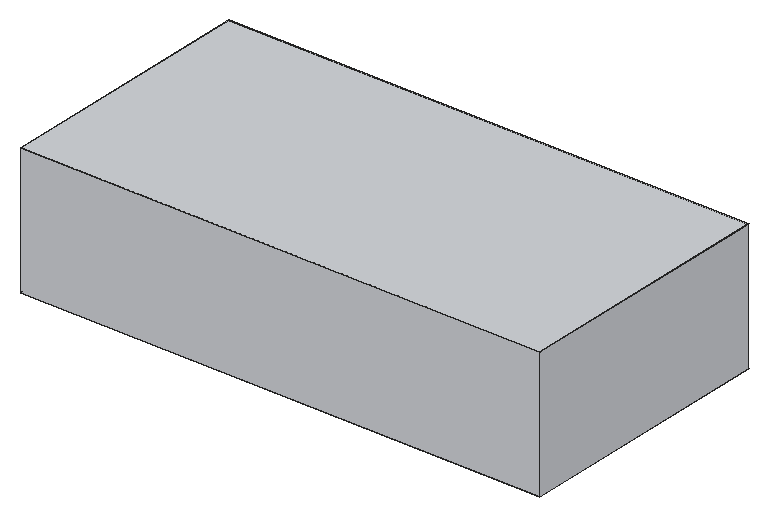
Revit family "FK061-20X10X5-Z", category Furniture Systems, Revit 2019
Family settings
  Round Connector Dimension = Use Diameter
  Part Type = Normal
  Work Plane-Based = No
  Always vertical = Yes
  Cut with Voids When Loaded = No
  Shared = No
  Room Calculation Point = No
Parameters (values of type "Fun Step, 20L x 10W x 5H, Zippered")
  URL = "https://fomcore.com/"
  Side Fabric = none
  Seat Fabric = none
  Model = "FK061-20X10X5"
  Manufacturer = "FOMCORE"
  Description = "Lil Explorer - Brick"
Reference planes (in)
  plane 1 "Center F/B": y = 0
  plane 2: z = 0
  plane 3 "Center L/R": x = 0
  plane 4: z = 0
  plane 5: x = 10
  plane 6: x = -10
  plane 7: y = 5
  plane 8: y = -5
  plane 9: z = 5
Forms (in)
  Sweep 1, solid, material <- "Side Fabric"
    path origin (0, 0, 0) x (1, 0, 0) y (0, 1, 0)
      loop
        line (-10, -5) -> (10, -5) -> (10, 5) -> (-10, 5) -> (-10, -5)
    profile origin (-10, 0, 0) x (-1, 0, 0) y (0, 0, 1)
      loop
        line (0, 0) -> (0, 5) -> (-0.11465, 4.88535) -> (-0.11465, 0.13535) -> (0, 0)
  Blend 2, solid, material <- "Seat Fabric"
    base sketch origin (0, 0, 19.76115) x (1, 0, 0) y (0, 1, 0)
      loop
        line (-10, 5) -> (-10, -5) -> (10, -5) -> (10, 5) -> (-10, 5)
    top sketch origin (0, 0, 19.76115) x (1, 0, 0) y (0, 1, 0)
      loop
        line (-9.88535, -4.88535) -> (9.88535, -4.88535) -> (9.88535, 4.88535) -> (-9.88535, 4.88535) -> (-9.88535, -4.88535)
    from -14.76115 to -14.87581
  Blend 3, solid, material <- "Seat Fabric"
    base sketch origin (0, 0, -14.74046) x (0, -1, 0) y (1, 0, 0)
      loop
        line (-5, -10) -> (5, -10) -> (5, 10) -> (-5, 10) -> (-5, -10)
    top sketch origin (0, 0, -14.74046) x (0, -1, 0) y (1, 0, 0)
      loop
        line (4.88535, -9.88535) -> (4.88535, 9.88535) -> (-4.88535, 9.88535) -> (-4.88535, -9.88535) -> (4.88535, -9.88535)
    from 14.74046 to 14.87581
Dimensions and locks (in)
  plane 6 to plane 5 = 1' - 8"
  plane 7 to plane 8 = 0' - 10"
  plane 9 to level = 0' - 5"
  aligned and locked: level to plane 2
